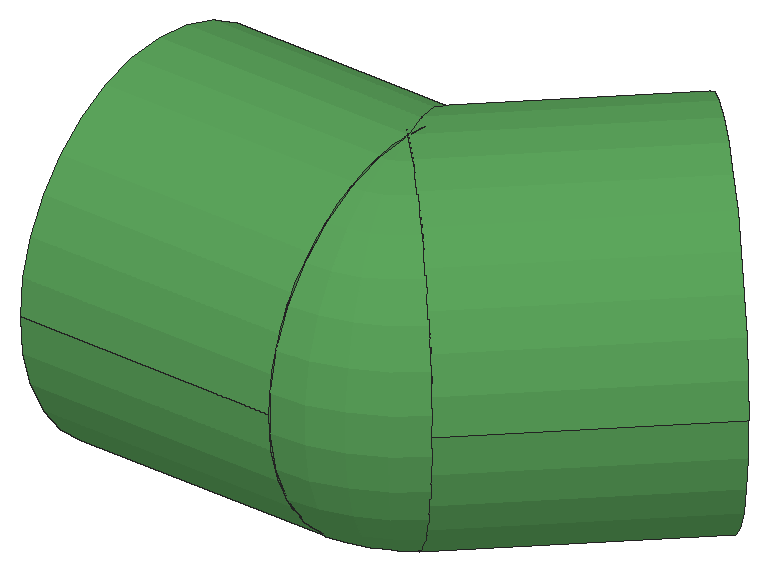
Revit family "Aquatherm Угольник 90 и 45 для муфтовой сварки", category Соединительные детали трубопроводов, Revit 2019
Family settings
  Размер круглого соединителя = Использовать диаметр
  Тип детали = Отвод
  На основе рабочей плоскости = Нет
  Всегда вертикально = Да
  При загрузке вырезать с полостями = Нет
  Общий = Нет
Parameters (values of type "SDR 9")
  Материал_Корпус = AquaTherm green pipe
  z [instance] = size_lookup("Угольник 90 и 45 для муфтовой сварки", "z", 20 mm, d, a1)  # 4.5 mm
  a1 [instance] = if(and(40.00° < a, a < 50.00°), 45.00°, if(and(85.00° < a, a < 95.00°), 90.00°, 45.00°))  # 45.00°
  d [instance] = 16 mm
  a [instance] = 45.00°
  l [instance] = size_lookup("Угольник 90 и 45 для муфтовой сварки", "l", d + 5 mm, d, a1)  # 17.5 mm
  URL = "www.agpipe.ru"
  SDR = 9 mm
  D [instance] = size_lookup("Угольник 90 и 45 для муфтовой сварки", "D", d + 8 mm, d, a1)  # 24.5 mm
  ADSK_Примечание = ""
  ADSK_Позиция [instance] = ""
  ADSK_Обозначение = ""
  ADSK_Наименование [instance] = size_lookup("Угольник 90 и 45 для муфтовой сварки", "ADSK_Наименование", "Нет в каталоге", d, a1)  # "Угольник 45° для муфтовой сварки Dn16"
  ADSK_Масса_Текст [instance] = size_lookup("Угольник 90 и 45 для муфтовой сварки", "ADSK_Масса_Текст", "Нет в каталоге", d, a1)  # "0.009"
  ADSK_Код изделия [instance] = size_lookup("Угольник 90 и 45 для муфтовой сварки", "ADSK_Код изделия", "Нет в каталоге", d, a1)  # "12506"
  ADSK_Завод-изготовитель = "Aquatherm"  # constant formula
  ADSK_Единица измерения = "шт."  # constant formula
Types (6, lengths in mm): name | SDR
  (no name) | 9
  SDR 6 | 6
  SDR 7.4 | 7.4
  SDR 9 | 9
  SDR 11 | 11
  SDR 17.6 | 17.6
Reference planes
  plane 1 "По центру (Вперед/Назад)": y = 0
  plane 2: z = 0
  plane 3 "По центру (Влево/Вправо)": x = 0
  plane 4: x = -17.5
  plane 5: x = -4.5
  plane 6: y = 9
  plane 7: y = 22
Forms (mm)
  Revolve 1, solid, material "AquaTherm green pipe" <- "Материал_Корпус"
    sketch origin (0, 0, 0) x (0, 1, 0) y (0, 0, -1)
      loop
        line (0, -12.25) -> (0, 12.25)
        arc (0, 12.25) -> (-12.25, 0) -> (0, -12.25) r 12.25
      axis (0, -12.25) -> (0, 12.25)
    angle from 0 to 45 <- "a1"
  Sweep 2, solid, material "AquaTherm green pipe" <- "Материал_Корпус"
    path origin (0, 0, 0) x (1, 0, 0) y (0, 1, 0)
      loop
        line (0, 0) -> (-17.5, 0)
    profile origin (-8.75, 0, 0) x (0, -1, 0) y (0, 0, 1)
      loop
        circle (0, 0) r 12.25
      loop
        circle (0, 0) r 8
Lines and regions (mm)
  reference lines
    curve 1: line (0, 0, 0) -> (-4.5, 0, 0)
Dimensions and locks
  "l": plane 4 to plane 3 "По центру (Влево/Вправо)"
  "z": plane 5 to plane 3 "По центру (Влево/Вправо)"
  Revolve 1 sketch curve to Revolve 1 sketch curve = 24.5 mm
  "D": Revolve 1 sketch curve to Revolve 1 sketch curve
  "D": diameter of Sweep 2 sketch curve
  "d": diameter of Sweep 2 sketch curve
  aligned and locked: level to plane 2
  aligned and locked: plane 3 "По центру (Влево/Вправо)" to Revolve 1
  aligned and locked: plane 1 "По центру (Вперед/Назад)" to Revolve 1
  aligned and locked: plane 3 "По центру (Влево/Вправо)" to nested 1
  aligned and locked: plane 1 "По центру (Вперед/Назад)" to nested 1
  aligned and locked: plane 3 "По центру (Влево/Вправо)" to curve 1
  aligned and locked: plane 5 to curve 1
  aligned and locked: curve 1 to plane 1 "По центру (Вперед/Назад)"
  aligned and locked: plane 4 to Sweep 2 sketch curve
  aligned and locked: plane 3 "По центру (Влево/Вправо)" to Sweep 2 sketch curve
  aligned and locked: Sweep 2 sketch curve to plane 1 "По центру (Вперед/Назад)"
Automatic sketch dimensions
  Revolve 1 sketch curve to plane 1 "По центру (Вперед/Назад)" = 0 mm  (x2)
  Revolve 1 sketch curve to level = 0 mm
  Revolve 1 sketch curve to Revolve 1 sketch curve = 2.75 mm
  Revolve 1 sketch curve to Revolve 1 sketch curve = 4.151 mm
  Sweep 2 sketch curve to Sweep 2 sketch curve = 0 mm  (x2)
  Sweep 2 sketch curve to level = 0 mm
  Sweep 2 sketch curve to profile plane = 0 mm
Nested families
  nested 1: "Семейство2" at (0, 0, 0), D <- "D", a <- "a1", l <- "l", d <- "d", z <- "z", Материал_Корпус <- "Материал_Корпус", type "Семейство2"
    with Материал_Корпус AquaTherm green pipe, z 4.5 mm, l 17.5 mm, d 16 mm, a 45.00°, D 24.5 mm
Connectors
  piping at (-4.5, 0, 0), diameter 16, driven by "d", driven by "a"
    settings: on curve 1, index 1, connector inside diameter 609.6 mm, connector length 0 mm, flow factor 0, pipe flow 0.0 L/s, pressure drop 0.0 Pa, fitting loss kfactor 0, connector angle 45.00°, fixture units 0, engagement length 0 mm, angle of deflection 0.00°, flow configuration 1, flow direction 0, fitting loss method 4, system type 28, joint type 0, gender type 0, connector reference index 2, connector utility 0, adjustable connector no, is connector primary yes, connector description ""
  piping at (3.182, 3.182, 0), diameter 16, driven by "d", driven by "a"
    settings: on nested 1, index 2, connector inside diameter 609.6 mm, connector length 0 mm, flow factor 0, pipe flow 0.0 L/s, pressure drop 0.0 Pa, fitting loss kfactor 0, connector angle 45.00°, fixture units 0, engagement length 0 mm, angle of deflection 0.00°, flow configuration 1, flow direction 0, fitting loss method 4, system type 28, joint type 0, gender type 0, connector reference index 1, connector utility 0, adjustable connector no, is connector primary no, connector description ""
Definition of nested family "Семейство2"
  Parameters (values of type "Семейство2")
    Материал_Корпус [instance] = none
    z [instance] = 30 mm
    l [instance] = 130 mm
    d [instance] = 16 mm
    a [instance] = 27.00°
    D [instance] = 120 mm
  Reference planes
    plane 1 "По центру (Вперед/Назад)": y = 0
    plane 2: z = 0
    plane 3 "По центру (Влево/Вправо)": x = 0
  Dimensions and locks
    "a": angle plane 1 "По центру (Вперед/Назад)" to nested 1
    aligned and locked: level to plane 2
  Nested families
    nested 1: "Семейство1" at (0, 0, 0) x (0.891, 0.454, 0) z (0, 0, 1), D <- "D", l <- "l", d <- "d", z <- "z", Материал_Корпус <- "Материал_Корпус", type "Семейство1"
      with z 30 mm, l 130 mm, d 16 mm, D 120 mm
  Definition of nested family "Семейство1"
    Parameters (values of type "Семейство1")
      Материал_Корпус [instance] = none
      z [instance] = 60.854 mm
      l [instance] = 130.662 mm
      d [instance] = 83.545 mm
      D [instance] = 120 mm
    Reference planes
      plane 1 "По центру (Вперед/Назад)": y = 0
      plane 2: z = 0
      plane 3 "По центру (Влево/Вправо)": x = 0
      plane 4: y = 60
      plane 5: y = -60
      plane 6: x = 130.662
      plane 7: y = 41.772
      plane 8: y = -41.772
      plane 9: x = 60.854
      plane 10: y = 41.772
      plane 11: y = -41.772
    Forms (mm)
      Revolve 1, solid, material <- "Материал_Корпус"
        sketch origin (0, 0, 0) x (1, 0, 0) y (0, 1, 0)
          loop
            line (0, 60) -> (0, 41.772) -> (130.662, 41.772) -> (130.662, 60) -> (0, 60)
          axis (0, 0) -> (130.662, 0)
        angle from 0 to 360
      Revolve 2, solid
        sketch origin (0, 0, 0) x (1, 0, 0) y (0, 1, 0)
          loop
            line (0, 41.772) -> (0, 0) -> (60.854, 0) -> (60.854, 41.772) -> (0, 41.772)
          axis (0, 0) -> (60.854, 0)
        angle from 0 to 360
    Dimensions and locks
      equal spacing: plane 4, plane 1 "По центру (Вперед/Назад)", plane 5
      "D": plane 4 to plane 5
      "l": plane 3 "По центру (Влево/Вправо)" to plane 6
      equal spacing: plane 8, plane 1 "По центру (Вперед/Назад)", plane 7
      "d": plane 8 to plane 7
      "z": plane 3 "По центру (Влево/Вправо)" to plane 9
      equal spacing: plane 10, plane 1 "По центру (Вперед/Назад)", plane 11
      "d": plane 10 to plane 11
      aligned and locked: level to plane 2
      aligned and locked: plane 1 "По центру (Вперед/Назад)" to Revolve 1 sketch curve
      aligned and locked: Revolve 1 sketch curve to plane 4
      aligned and locked: plane 3 "По центру (Влево/Вправо)" to Revolve 1 sketch curve
      aligned and locked: Revolve 1 sketch curve to plane 6
      aligned and locked: plane 7 to Revolve 1 sketch curve
      aligned and locked: plane 1 "По центру (Вперед/Назад)" to Revolve 2 sketch curve
      aligned and locked: Revolve 2 sketch curve to Revolve 1
      aligned and locked: Revolve 2 sketch curve to plane 1 "По центру (Вперед/Назад)"
      aligned and locked: Revolve 2 sketch curve to plane 9
      aligned and locked: Revolve 2 sketch curve to plane 10
    Automatic sketch dimensions
      Revolve 1 sketch curve to plane 3 "По центру (Влево/Вправо)" = 50 mm
      plane 6 to Revolve 1 sketch curve = 49.338 mm
      Revolve 2 sketch curve to plane 3 "По центру (Влево/Вправо)" = 15 mm
      plane 6 to Revolve 2 sketch curve = 31.685 mm
